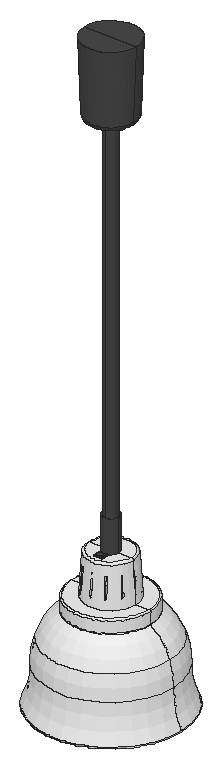
Revit family "Värmelampa Exclusive 22001", category Lighting Fixtures, host Ceiling, Revit 2020
Family settings
  Host = Ceiling
  Round Connector Dimension = Use Diameter
  Part Type = Normal
  OmniClass Number = 23.80.70.11
  OmniClass Title = Luminaries for Internal Lighting
  Always vertical = Yes
  Cut with Voids When Loaded = No
  Light Source = No
  Shared = No
  Room Calculation Point = No
Parameters (values of type "22001-C")
  Model = ""
  Lamp Type = Värmelampa Classic M 22001 : 22001-C
  Lamp Hanger Material = AMA - Glossy Black Dark
  Default Elevation = 0 mm
  Artikelnummer = "22001-C"
  Adjustable length [instance] = 950 mm
Types (4, lengths in mm): name | Lamp Type | Artikelnummer
  22001-S | Värmelampa Classic M 22001 : 22001-S | "22001-S"
  22001-M | Värmelampa Classic M 22001 : 22001-M | "22001-M"
  22001-Ko | Värmelampa Classic M 22001 : 22001-Ko | "22001-Ko"
  22001-C | Värmelampa Classic M 22001 : 22001-C | "22001-C"
Reference planes
  plane 1 "Light Source Axis (F/B)": y = 0
  plane 2: z = 0
  plane 3 "Light Source Axis (L/R)": x = 0
  plane 4 "Ceiling": z = 4000
  plane 5 "Light Source Elevation": z = 3750
  plane 6: z = 3050
  plane 7: x = -41
  plane 8: x = -112.5
  plane 9: x = 112.5
  plane 10: z = 3270
  plane 11: z = 3320
Forms (mm)
  Revolve 1, solid, material "AMA - Glossy Black Dark" <- "Lamp Hanger Material"
    sketch origin (0, 0, 0) x (1, 0, 0) y (0, 0, 1)
      loop
        line (0, 4000) -> (-41, 4000) -> (-36.917, 3890.827)
        arc (-36.917, 3890.827) -> (-35.084, 3886.73) -> (-30.921, 3885.051) r 6
        line (-30.921, 3885.051) -> (-16.62, 3885.051) -> (-17.038, 3911.02) -> (0, 3911.02) -> (0, 4000)
      axis (0, 3885.051) -> (0, 4000)
    angle from 0 to 360
  Extrusion 2, solid, material "AMA - Glossy Black Dark" <- "Lamp Hanger Material"
    sketch origin (-2507.68, 6000, 3494.441) x (0, 1, 0) y (1, 0, 0)
      loop
        circle (-6000, 2507.68) r 10
    from 199.442 to -416.579
Lines and regions (mm)
  symbolic lines
    curve 1: circle (0, 0, 3494.441) r 112.499 normal (0, 0, -1)
    curve 2: circle (0, 0, 3494.441) r 41 normal (0, 0, -1)
    curve 3: line (-90.484, -66.849, 3494.441) -> (90.484, 66.849, 3494.441)
    curve 4: line (90.484, -66.849, 3494.441) -> (-90.484, 66.849, 3494.441)
Dimensions and locks
  equal spacing: host sketch curve, plane 3 "Light Source Axis (L/R)", host sketch curve
  equal spacing: host sketch curve, plane 1 "Light Source Axis (F/B)", host sketch curve
  host sketch curve to host sketch curve = 4000 mm  (x2)
  plane 4 "Ceiling" to host ceiling = 0 mm
  "Adjustable length": plane 6 to plane 4 "Ceiling"
  plane 4 "Ceiling" to plane 5 "Light Source Elevation" = 250 mm
  plane 8 to plane 9 = 225 mm
  plane 6 to plane 10 = 220 mm
  plane 6 to plane 11 = 270 mm
  equal spacing: plane 8, plane 3 "Light Source Axis (L/R)", plane 9
  aligned and locked: Extrusion 2 to Revolve 1
Automatic sketch dimensions
  plane 1 "Light Source Axis (F/B)" to Extrusion 2 sketch curve = 0 mm
  Extrusion 2 sketch curve to plane 3 "Light Source Axis (L/R)" = 0 mm
  Revolve 1 sketch curve to plane 4 "Ceiling" = 0 mm  (x2)
  Revolve 1 sketch curve to plane 7 = 0 mm
  Revolve 1 sketch curve to plane 3 "Light Source Axis (L/R)" = 0 mm  (x2)
  plane 7 to Revolve 1 sketch curve = 4.083 mm
  Revolve 1 sketch curve to Revolve 1 sketch curve = 5.996 mm
  Revolve 1 sketch curve to Revolve 1 sketch curve = 17.038 mm
  Revolve 1 sketch curve to Revolve 1 sketch curve = 14.301 mm
  plane 4 "Ceiling" to Revolve 1 sketch curve = 88.98 mm
  Revolve 1 sketch curve to Revolve 1 sketch curve = 19.969 mm
  Revolve 1 sketch curve to Revolve 1 sketch curve = 0.224 mm
  Revolve 1 sketch curve to Revolve 1 sketch curve = 65 mm
  curve 1 to curve 2 = 0 mm  (x2)
  plane 1 "Light Source Axis (F/B)" to curve 2 = 0 mm
  curve 2 to plane 3 "Light Source Axis (L/R)" = 0 mm
  plane 9 to curve 4 = 22.016 mm
  plane 1 "Light Source Axis (F/B)" to curve 4 = 66.849 mm
  curve 3 to plane 8 = 22.016 mm
  curve 4 to plane 8 = 22.016 mm
  plane 9 to curve 3 = 22.016 mm
  radius of Extrusion 2 sketch curve = 10 mm
  radius of curve 2 = 41 mm
Nested families
  nested 1: "Värmelampa Classic M 22001" at (0, 0, 3050), type <- "Lamp Type", type "22001-C"
Definition of nested family "Värmelampa Classic M 22001"
  Parameters (values of type "22001-C")
    Main Body Material = none
    Lamp Hanger Material = none
    Default Elevation = 0 mm
    Artikelnummer = ""
  Types (4): name
    22001-C
    22001-S
    22001-Ko
    22001-M
  Reference planes
    plane 1 "Light Source Axis (F/B)": y = 0
    plane 2: z = 0
    plane 3 "Light Source Axis (L/R)": x = 0
    plane 4 "Light Source Elevation": z = 1500
    plane 5: x = -112.5
    plane 6: x = 112.5
    plane 7: z = 220
    plane 8: z = 157.214
  Forms (mm)
    Revolve 1, solid, material <- "Main Body Material"
      sketch origin (321.816, 0, -3150) x (1, 0, 0) y (0, 0, 1)
        loop
          arc (-227.646, 3245.604) -> (-239.684, 3268.031) -> (-258.06, 3285.643) r 81.392
          arc (-258.06, 3285.643) -> (-258.339, 3285.959) -> (-258.439, 3286.367) r 0.882
          line (-258.439, 3286.367) -> (-258.439, 3303.964)
          arc (-258.439, 3303.964) -> (-259.025, 3305.378) -> (-260.439, 3305.964) r 2
          line (-260.439, 3305.964) -> (-281.796, 3305.964) -> (-286.079, 3367.209)
          arc (-286.079, 3367.209) -> (-287.026, 3369.194) -> (-289.072, 3370) r 3
          line (-289.072, 3370) -> (-321.816, 3370) -> (-321.816, 3368) -> (-288.139, 3368) -> (-283.661, 3303.964) -> (-260.439, 3303.964) -> (-260.439, 3284.843)
          arc (-260.439, 3284.843) -> (-241.732, 3267.415) -> (-229.534, 3244.945) r 79.392
          arc (-229.534, 3244.945) -> (-225.025, 3227.014) -> (-223.772, 3208.567) r 103.701
          arc (-223.772, 3208.567) -> (-221.109, 3179.615) -> (-212.014, 3152) r 128.696
          line (-212.014, 3152) -> (-215.833, 3152) -> (-215.833, 3150) -> (-210.103, 3150)
          arc (-210.103, 3150) -> (-209.438, 3150.367) -> (-209.394, 3151.124) r 0.785
          arc (-209.394, 3151.124) -> (-218.955, 3179.097) -> (-221.773, 3208.524) r 126.696
          arc (-221.773, 3208.524) -> (-223.05, 3227.327) -> (-227.646, 3245.604) r 105.701
        axis (-321.816, 3370) -> (-321.816, 3150)
      angle from 0 to 360
    Extrusion 2, solid, material <- "Lamp Hanger Material"
      sketch origin (-1506.53, -5000, 220) x (-1, 0, 0) y (0, -1, 0)
        loop
          circle (-1506.53, -5000) r 12.5
      from 50 to 0
    Extrusion 3, void
      sketch origin (-6999.531, -66.458, 132.016) x (0, 0, 1) y (1, 0, 0)
        loop
          arc (38.658, 7001) -> (37.189, 6999.531) -> (38.658, 6998.062) r 1.469
          line (38.658, 6998.062) -> (70.46, 6998.062)
          arc (70.46, 6998.062) -> (71.928, 6999.531) -> (70.46, 7001) r 1.469
          line (70.46, 7001) -> (38.658, 7001)
      from 23.257 to 51.336
    Extrusion 4, void
      sketch origin (6999.531, 66.458, 132.016) x (0, 0, 1) y (-1, 0, 0)
        loop
          arc (38.658, 7001) -> (37.189, 6999.531) -> (38.658, 6998.062) r 1.469
          line (38.658, 6998.062) -> (70.46, 6998.062)
          arc (70.46, 6998.062) -> (71.928, 6999.531) -> (70.46, 7001) r 1.469
          line (70.46, 7001) -> (38.658, 7001)
      from 23.257 to 51.336
    Extrusion 5, void
      sketch origin (-6095.001, 3442.212, 132.016) x (0, 0, 1) y (0.866025, -0.5, 0)
        loop
          arc (38.658, 7001) -> (37.189, 6999.531) -> (38.658, 6998.062) r 1.469
          line (38.658, 6998.062) -> (70.46, 6998.062)
          arc (70.46, 6998.062) -> (71.928, 6999.531) -> (70.46, 7001) r 1.469
          line (70.46, 7001) -> (38.658, 7001)
      from 23.257 to 51.336
    Extrusion 6, void
      sketch origin (-3557.32, 6028.543, 132.016) x (0, 0, 1) y (0.5, -0.866025, 0)
        loop
          arc (38.658, 7001) -> (37.189, 6999.531) -> (38.658, 6998.063) r 1.469
          line (38.658, 6998.063) -> (70.46, 6998.062)
          arc (70.46, 6998.062) -> (71.928, 6999.531) -> (70.46, 7001) r 1.469
          line (70.46, 7001) -> (38.658, 7001)
      from 23.257 to 51.336
    Extrusion 7, void
      sketch origin (-66.458, 6999.531, 132.016) x (0, 0, 1) y (0, -1, 0)
        loop
          arc (38.658, 7001) -> (37.189, 6999.531) -> (38.658, 6998.062) r 1.469
          line (38.658, 6998.062) -> (70.46, 6998.062)
          arc (70.46, 6998.062) -> (71.928, 6999.531) -> (70.46, 7001) r 1.469
          line (70.46, 7001) -> (38.658, 7001)
      from 23.257 to 51.336
    Extrusion 8, void
      sketch origin (3442.212, 6095.001, 132.016) x (0, 0, 1) y (-0.5, -0.866025, 0)
        loop
          arc (38.658, 7001) -> (37.189, 6999.531) -> (38.658, 6998.062) r 1.469
          line (38.658, 6998.062) -> (70.46, 6998.062)
          arc (70.46, 6998.062) -> (71.928, 6999.531) -> (70.46, 7001) r 1.469
          line (70.46, 7001) -> (38.658, 7001)
      from 23.257 to 51.336
    Extrusion 9, void
      sketch origin (6028.543, 3557.32, 132.016) x (0, 0, 1) y (-0.866025, -0.5, 0)
        loop
          arc (38.658, 7001) -> (37.189, 6999.531) -> (38.658, 6998.062) r 1.469
          line (38.658, 6998.062) -> (70.46, 6998.062)
          arc (70.46, 6998.062) -> (71.928, 6999.531) -> (70.46, 7001) r 1.469
          line (70.46, 7001) -> (38.658, 7001)
      from 23.257 to 51.336
    Extrusion 10, void
      sketch origin (6095.001, 3442.212, 132.016) x (0, 0, 1) y (0.866025, 0.5, 0)
        loop
          line (38.658, -7001) -> (70.46, -7001)
          arc (70.46, -7001) -> (71.928, -6999.531) -> (70.46, -6998.062) r 1.469
          line (70.46, -6998.062) -> (38.658, -6998.062)
          arc (38.658, -6998.062) -> (37.189, -6999.531) -> (38.658, -7001) r 1.469
      from 23.257 to 51.336
    Extrusion 11, void
      sketch origin (3557.32, 6028.543, 132.016) x (0, 0, 1) y (0.5, 0.866025, 0)
        loop
          line (38.658, -7001) -> (70.46, -7001)
          arc (70.46, -7001) -> (71.928, -6999.531) -> (70.46, -6998.062) r 1.469
          line (70.46, -6998.062) -> (38.658, -6998.063)
          arc (38.658, -6998.063) -> (37.189, -6999.531) -> (38.658, -7001) r 1.469
      from 23.257 to 51.336
    Extrusion 12, void
      sketch origin (66.458, 6999.531, 132.016) x (0, 0, 1) y (0, 1, 0)
        loop
          line (38.658, -7001) -> (70.46, -7001)
          arc (70.46, -7001) -> (71.928, -6999.531) -> (70.46, -6998.062) r 1.469
          line (70.46, -6998.062) -> (38.658, -6998.062)
          arc (38.658, -6998.062) -> (37.189, -6999.531) -> (38.658, -7001) r 1.469
      from 23.257 to 51.336
    Extrusion 13, void
      sketch origin (-3442.212, 6095.001, 132.016) x (0, 0, 1) y (-0.5, 0.866025, 0)
        loop
          line (38.658, -7001) -> (70.46, -7001)
          arc (70.46, -7001) -> (71.928, -6999.531) -> (70.46, -6998.062) r 1.469
          line (70.46, -6998.062) -> (38.658, -6998.062)
          arc (38.658, -6998.062) -> (37.189, -6999.531) -> (38.658, -7001) r 1.469
      from 23.257 to 51.336
    Extrusion 14, void
      sketch origin (-6028.543, 3557.32, 132.016) x (0, 0, 1) y (-0.866025, 0.5, 0)
        loop
          line (38.658, -7001) -> (70.46, -7001)
          arc (70.46, -7001) -> (71.928, -6999.531) -> (70.46, -6998.062) r 1.469
          line (70.46, -6998.062) -> (38.658, -6998.062)
          arc (38.658, -6998.062) -> (37.189, -6999.531) -> (38.658, -7001) r 1.469
      from 23.257 to 51.336
    Extrusion 15, solid, material <- "Lamp Hanger Material"
      sketch origin (-36.5, 5998.969, 220) x (0, 1, 0) y (1, 0, 0)
        loop
          line (-6013.857, 29) -> (-6013.857, 44) -> (-6023.857, 44) -> (-6023.857, 29) -> (-6013.857, 29)
        loop
          line (-6022.857, 43) -> (-6022.857, 30) -> (-6014.857, 30) -> (-6014.857, 43) -> (-6022.857, 43)
      from 0 to -1
    Extrusion 16, solid, material <- "Lamp Hanger Material"
      sketch origin (7.5, -24.888, 220) x (-1, 0, 0) y (0, 0, -1)
        loop
          line (14, 0) -> (1.191, 0) -> (1.191, -1) -> (1.798, -2.693)
          arc (1.798, -2.693) -> (2.088, -3.043) -> (2.534, -3.129) r 0.671
          line (2.534, -3.129) -> (14, -1.312) -> (14, 0)
      from -1 to -9
  Cuts and joins
    Extrusion 3, Extrusion 4, Extrusion 5, Extrusion 6, Extrusion 7, Extrusion 8, Extrusion 9, Extrusion 10, Extrusion 11, Extrusion 12, Extrusion 13, Extrusion 14 cuts Revolve 1
  Dimensions and locks
    plane 7 to plane 2 = 220 mm
    aligned and locked: level to plane 2
